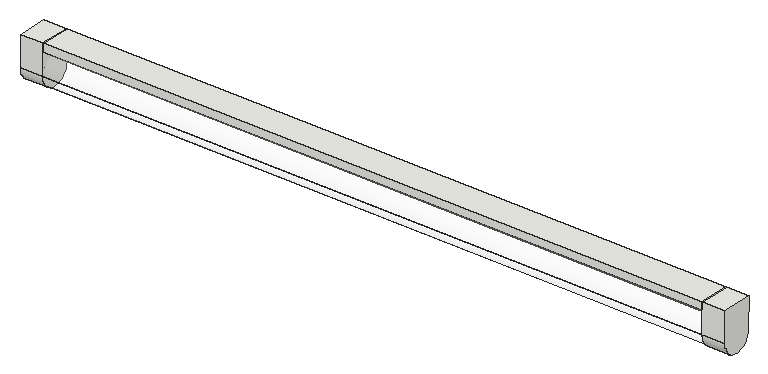
Revit family "M_Downlight - Strip", category Lighting Fixtures, Revit 2017
Family settings
  Round Connector Dimension = Use Diameter
  Part Type = Normal
  OmniClass Number = 23.80.70.11.14.11
  OmniClass Title = Downlights
  Work Plane-Based = No
  Always vertical = Yes
  Cut with Voids When Loaded = No
  Light Source = Yes
  Shared = No
  Room Calculation Point = No
Parameters (values of type "0600mm - 120V")
  Wattage Comments = "17"
  Wattage = 17 W
  built-in parameter 1150110 = 1 (stored number, unit not read)
  built-in parameter 1114217 = 0.88 (stored number, unit not read)
  built-in parameter 1150109 = 1 (stored number, unit not read)
  built-in parameter 1150134 = 8
  built-in parameter 1150113 = 1 (stored number, unit not read)
  Lumens = 1349.97 lm
  built-in parameter 1150115 = 1 (stored number, unit not read)
  built-in parameter 1150105 = 429.71 (stored number, unit not read)
  Load Classification = Lighting - Dwelling Unit
  Light Source Symbol Size = 609.6 mm
  built-in parameter 1150137 = 1
  built-in parameter 1150139 = (empty or 0)
  Light Elevation [instance] = 1350 mm
  Light Length = 600 mm
  Light Box Material = Steel, Paint Finish, Ivory, Glossy
  built-in parameter 1150112 = 1 (stored number, unit not read)
  built-in parameter 1150114 = 1 (stored number, unit not read)
  Lamp = "T-8"
  built-in parameter 1150132 = (empty or 0)
  built-in parameter 1150102 = (empty or 0)
  built-in parameter 1150138 = (empty or 0)
  built-in parameter 1150107 = 4230 (stored number, unit not read)
  built-in parameter 1150106 = 4.2971 (stored number, unit not read)
  Fixture Material = Glass, White, High Luminance
  Emit from Line Length = Light Length - 38 mm  # 562 mm
  built-in parameter 1150104 = 7.3774 (stored number, unit not read)
  Dimming Lamp Color Temperature Shift = <None>
  Color Filter = 16777215
  Ballast Voltage = 120 V
  Ballast Number of Poles = 1
  built-in parameter 1114218 = 0.88 (stored number, unit not read)
  built-in parameter 1150133 = 10 (stored number, unit not read)
  Assembly Code = "D5020210"
  Apparent Load = 17 VA
Types (5, lengths in mm): name | Wattage Comments | Wattage | Lumens | built-in parameter 1150105 | Light Length | Lamp | built-in parameter 1150106 | Emit from Line Length | built-in parameter 1150104 | Ballast Voltage | Apparent Load
  (no name) | "17" | 17 W | 1349.97 lm | 429.71 (stored number, unit not read) | 600 | "T-8" | 4.2971 (stored number, unit not read) | 562 | 7.3774 (stored number, unit not read) | 120 V | 17 VA
  1200mm - 120V | "40" | 40 W | 3150 lm | 1002.7 (stored number, unit not read) | 1200 | "T-12" | 10.027 (stored number, unit not read) | 1162 | 7.3161 (stored number, unit not read) | 120 V | 40 VA
  0600mm - 120V | "17" | 17 W | 1349.97 lm | 429.71 (stored number, unit not read) | 600 | "T-8" | 4.2971 (stored number, unit not read) | 562 | 7.3774 (stored number, unit not read) | 120 V | 17 VA
  0600mm - 277V | "17" | 17 W | 1349.97 lm | 429.71 (stored number, unit not read) | 600 | "T-8" | 4.2971 (stored number, unit not read) | 562 | 7.3774 (stored number, unit not read) | 277 V | 17 VA
  1200mm - 277V | "40" | 40 W | 3150 lm | 1002.7 (stored number, unit not read) | 1200 | "T-12" | 10.027 (stored number, unit not read) | 1162 | 7.3161 (stored number, unit not read) | 277 V | 40 VA
Reference planes
  plane 1 "Light Source Axis (F/B)": y = -218.644
  plane 2: z = 0
  plane 3 "Light Source Axis (L/R)": x = 0
  plane 4 "Light Source Elevation": z = 1324.6
  plane 5 "Left": x = -300
  plane 6 "Right": x = 300
  plane 7: x = -280.95
  plane 8: x = 280.95
  plane 9: z = 1350
  plane 10: z = 1343.65
Forms (mm)
  Extrusion 1, solid, material "Steel, Paint Finish, Ivory, Glossy" <- "Light Box Material"
    sketch origin (0, 0, 0) x (0, 1, 0) y (0, 0, 1)
      loop
        line (-205.944, 1350) -> (-231.344, 1350) -> (-231.344, 1324.6)
        arc (-231.344, 1324.6) -> (-218.644, 1311.9) -> (-205.944, 1324.6) r 12.7
        line (-205.944, 1324.6) -> (-205.944, 1350)
    from 280.95 to 300
  Extrusion 2, solid, material "Steel, Paint Finish, Ivory, Glossy" <- "Light Box Material"
    sketch origin (0, 0, 0) x (0, 1, 0) y (0, 0, 1)
      loop
        line (-205.944, 1350) -> (-231.344, 1350) -> (-231.344, 1324.6)
        arc (-231.344, 1324.6) -> (-218.644, 1311.9) -> (-205.944, 1324.6) r 12.7
        line (-205.944, 1324.6) -> (-205.944, 1350)
    from -300 to -280.95
  Extrusion 3, solid, material "Steel, Paint Finish, Ivory, Glossy" <- "Light Box Material"
    sketch origin (0, 0, 0) x (0, 1, 0) y (0, 0, 1)
      loop
        line (-205.944, 1350) -> (-231.344, 1350) -> (-231.344, 1343.65) -> (-205.944, 1343.65) -> (-205.944, 1350)
    from -280.95 to 280.95
  Extrusion 4, solid, material "Glass, White, High Luminance" <- "Fixture Material"
    sketch origin (0, 0, 0) x (0, 1, 0) y (0, 0, 1)
      loop
        circle (-218.644, 1324.6) r 12.7
    from -280.95 to 280.95
Dimensions and locks
  equal spacing: plane 5 "Left", plane 3 "Light Source Axis (L/R)", plane 6 "Right"
  "Light Length": plane 5 "Left" to plane 6 "Right"
  locked: plane 5 "Left" to plane 7 at 19.05
  locked: plane 8 to plane 6 "Right" at 19.05
  locked: plane 9 to plane 4 "Light Source Elevation" at 25.4
  "Light Elevation": plane 9 to level
  locked: plane 9 to plane 10 at 6.35
  aligned and locked: plane 6 "Right" to Extrusion 1
  aligned and locked: Extrusion 2 to plane 5 "Left"
  aligned and locked: Extrusion 3 sketch curve to Extrusion 1  (x3)
  aligned and locked: plane 10 to Extrusion 3 sketch curve
  aligned and locked: Extrusion 2 to plane 7
  aligned and locked: plane 8 to Extrusion 1
  aligned and locked: Extrusion 3 to plane 8
  aligned and locked: plane 7 to Extrusion 3
  aligned and locked: Extrusion 4 to plane 8
  aligned and locked: plane 7 to Extrusion 4
  aligned and locked: plane 3 "Light Source Axis (L/R)" to imposter light
  aligned and locked: plane 1 "Light Source Axis (F/B)" to imposter light
  aligned and locked: plane 4 "Light Source Elevation" to imposter light
Automatic sketch dimensions
  Extrusion 1 sketch curve to plane 9 = 0 mm
  Extrusion 1 sketch curve to plane 4 "Light Source Elevation" = 0 mm
  Extrusion 1 sketch curve to plane 1 "Light Source Axis (F/B)" = 0 mm
  Extrusion 1 sketch curve to plane 1 "Light Source Axis (F/B)" = 12.7 mm
  Extrusion 2 sketch curve to plane 1 "Light Source Axis (F/B)" = 0 mm
  plane 1 "Light Source Axis (F/B)" to Extrusion 2 sketch curve = 12.7 mm
  Extrusion 2 sketch curve to plane 9 = 25.4 mm
  Extrusion 2 sketch curve to Extrusion 2 sketch curve = 25.4 mm
  Extrusion 4 sketch curve to plane 1 "Light Source Axis (F/B)" = 0 mm
  Extrusion 4 sketch curve to plane 4 "Light Source Elevation" = 0 mm
  radius of Extrusion 4 sketch curve = 12.7 mm
Connectors
  electrical at (0, -218.644, 1350), driven by "Apparent Load", driven by "Ballast Voltage", driven by "Ballast Number of Poles", driven by "Load Classification"
    settings: on Extrusion 3, index 1, voltage 120 V, apparent load 0 VA, apparent load phase1 17 VA, apparent load phase2 0 VA, apparent load phase3 0 VA, power factor 0.95, load classification "Lighting - Dwelling Unit", number of poles 1, system type 31, power factor state 1, is connector primary yes, connector utility no, sub classification motor no, connector description ""
